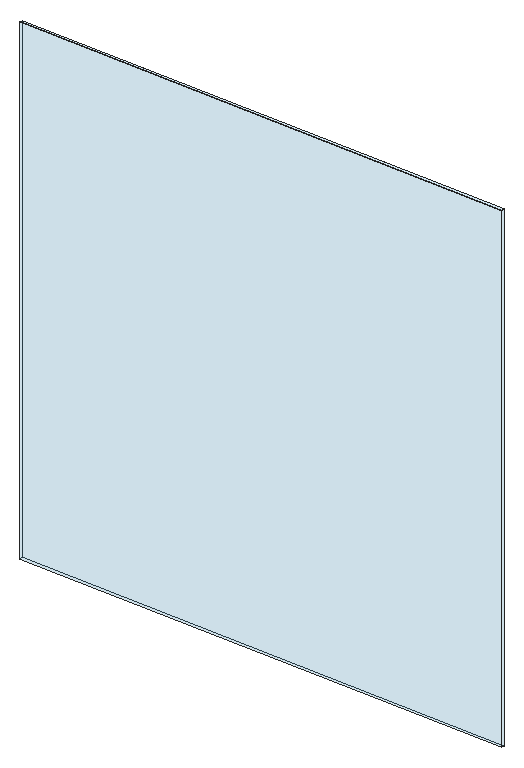
Revit family
Parameters (values of type "72" x 72"")
  Sealant = 0' - 0 3/8"
  Pocket Depth [instance] = 0' - 0 1/2"
  Head Height = Sill Height + Rough Height - Sealant  # 8' - 11 5/8"
  Depth [instance] = 0' - 7 1/4"
  Sill Height = 3' - 0"
  Rough Width = 6' - 0"
  Rough Height = 6' - 0"
  Model = "IP1800"
  Material = ""
  Manufacturer = "Arcadia"
  Sightline = 0' - 2 3/4"
  Height = Rough Height - Sealant - Sealant  # 5' - 11 1/4"
  Wall Closure = (empty or 0)
  Width = Rough Height - Sealant - Sealant  # 5' - 11 1/4"
  Glass Thickness [instance] = 0' - 0 9/16"
  Offset to Inside Face of Glass [instance] = 0' - 6"
  Construction Type = "Aluminum"
  Center of Rough Opening [instance] = Rough Width / 2  # 3' - 0"
  Center of Glass [instance] = Glass Thickness / 2  # 0' - 0 9/32"
  Center Wall to Outside Face [instance] = 0' - 2 7/8"
  Assembly Code = ""
Reference planes (in)
  plane 1 "Center (Front/Back)": y = 0
  plane 2: z = 0
  plane 3 "Center (Left/Right)": x = 12
  plane 4 "Rough Opening Bottom": z = 36
  plane 5 "Rough Opening Top": z = 108
  plane 6 "Exterior Face": y = 5.75
  plane 7 "Frame Top": z = 105.25
  plane 8 "Frame Bottom": z = 38.75
  plane 9 "Rough Opening Left": x = -24
  plane 10 "Rough Opening Right": x = 48
  plane 11 "Frame Left": x = -21.25
  plane 12 "Frame Right": x = 45.25
  plane 13 "Exterior Glass Edge": y = 4.73644
  plane 14 "Interior Glass Edge": y = 4.17394
  plane 15 "Glass Centerline": y = 4.45519
  plane 16 "Frame Outside": y = 5.42394
  plane 17 "Frame Inside": y = -1.82606
  plane 18: z = 105.75
  plane 19: z = 38.25
  plane 20: x = 45.75
  plane 21: x = -21.75
  plane 22: x = 47.625
  plane 23: x = -23.625
  plane 24: z = 107.625
  plane 25: z = 36.375
Forms (in)
  Extrusion 1, solid, material "Anodize Arcadia AC2 Clear #11", detail levels coarse
    sketch origin (0, 0, 36) x (0, -1, 0) y (1, 0, 0)
      loop
        line (-5.42394, -24) -> (1.82606, -24) -> (1.82606, -21.25) -> (-4.17394, -21.25) -> (-4.17394, -21.75) -> (-4.73644, -21.75) -> (-4.73644, -21.25) -> (-5.42394, -21.25) -> (-5.42394, -24)
    from 0 to 72 <- "Rough Height"
  Extrusion 2, solid, material "Anodize Arcadia AC2 Clear #11", detail levels coarse
    sketch origin (0, 0, 36) x (0, -1, 0) y (1, 0, 0)
      loop
        line (-5.42394, 45.25) -> (-4.73644, 45.25) -> (-4.73644, 45.75) -> (-4.17394, 45.75) -> (-4.17394, 45.25) -> (1.82606, 45.25) -> (1.82606, 48) -> (-5.42394, 48) -> (-5.42394, 45.25)
    from 0 to 72 <- "Rough Height"
  Extrusion 3, solid, material "Glass"
    sketch origin (-0.5, 0, 36) x (0, -1, 0) y (1, 0, 0)
      loop
        line (-4.73644, -21.25) -> (-4.17394, -21.25) -> (-4.17394, 46.25) -> (-4.73644, 46.25) -> (-4.73644, -21.25)
    from 2.25 to 69.75
  Extrusion 4, solid, material "Anodize Arcadia AC2 Clear #11", detail levels coarse
    sketch origin (-24, 0, 0) x (0, 1, 0) y (0, 0, 1)
      loop
        line (-1.82606, 108) -> (-1.82606, 105.25) -> (4.17394, 105.25) -> (4.17394, 105.75) -> (4.73644, 105.75) -> (4.73644, 105.25) -> (5.42394, 105.25) -> (5.42394, 108) -> (-1.82606, 108)
    from 0 to 72 <- "Rough Width"
  Extrusion 5, solid, material "Anodize Arcadia AC2 Clear #11", detail levels coarse
    sketch origin (-24, 0, 0) x (0, 1, 0) y (0, 0, 1)
      loop
        line (5.42394, 38.75) -> (4.73644, 38.75) -> (4.73644, 38.25) -> (4.17394, 38.25) -> (4.17394, 38.75) -> (-1.82606, 38.75) -> (-1.82606, 36) -> (5.42394, 36) -> (5.42394, 38.75)
    from 0 to 72 <- "Rough Width"
  Extrusion 6, void
    sketch origin (0, 0, 36) x (0, -1, 0) y (1, 0, 0)
      loop
        line (-5.75, -24) -> (2.25, -24) -> (2.25, 48) -> (-5.75, 48) -> (-5.75, -24)
    from 0 to 72 <- "Rough Height"
Lines and regions (in)
  symbolic lines, detail levels coarse
    curve 1: line (-24, 5.42394, 0) -> (-21.25, 5.42394, 0)
    curve 2: line (-21.25, 5.42394, 0) -> (-21.25, 4.73644, 0)
    curve 3: line (45.75, 4.73644, 0) -> (-21.75, 4.73644, 0)
    curve 4: line (-21.75, 4.73644, 0) -> (-21.75, 4.17394, 0)
    curve 5: line (-21.75, 4.17394, 0) -> (45.75, 4.17394, 0)
    curve 6: line (-21.25, 4.17394, 0) -> (-21.25, -1.82606, 0)
    curve 7: line (-21.25, -1.82606, 0) -> (-24, -1.82606, 0)
    curve 8: line (-24, -1.82606, 0) -> (-24, 5.42394, 0)
    curve 9: line (48, 5.42394, 0) -> (45.25, 5.42394, 0)
    curve 10: line (45.25, 5.42394, 0) -> (45.25, 4.73644, 0)
    curve 11: line (45.75, 4.73644, 0) -> (45.75, 4.17394, 0)
    curve 12: line (45.25, 4.17394, 0) -> (45.25, -1.82606, 0)
    curve 13: line (45.25, -1.82606, 0) -> (48, -1.82606, 0)
    curve 14: line (48, -1.82606, 0) -> (48, 5.42394, 0)
Text (in)
  text "EXTERIOR" at (-58.6888, 50.90694, 0), in view "Ref. Level"
  text "INTERIOR" at (-58.6888, -37.76638, 0), in view "Ref. Level"
  text "Exterior" at (0, 43.65631, 123.19604), in view "Left"
  text "Exterior" at (0, 18.29385, 125.04747), in view "Right"
Dimensions and locks (in)
  "Rough Height": plane 4 "Rough Opening Bottom" to plane 5 "Rough Opening Top"
  "Sill Height": plane 2 to plane 4 "Rough Opening Bottom"
  "Sightline": plane 7 "Frame Top" to plane 5 "Rough Opening Top"
  "Sightline": plane 4 "Rough Opening Bottom" to plane 8 "Frame Bottom"
  "Rough Width": plane 9 "Rough Opening Left" to plane 10 "Rough Opening Right"
  "Sightline": plane 9 "Rough Opening Left" to plane 11 "Frame Left"
  "Sightline": plane 12 "Frame Right" to plane 10 "Rough Opening Right"
  "Depth": plane 17 "Frame Inside" to plane 16 "Frame Outside"
  "Glass Thickness": plane 13 "Exterior Glass Edge" to plane 14 "Interior Glass Edge"
  "Center of Glass": plane 15 "Glass Centerline" to plane 14 "Interior Glass Edge"
  "Center of Rough Opening": plane 9 "Rough Opening Left" to plane 3 "Center (Left/Right)"
  "Offset to Inside Face of Glass": plane 17 "Frame Inside" to plane 14 "Interior Glass Edge"
  "Pocket Depth": plane 12 "Frame Right" to plane 20
  "Pocket Depth": plane 21 to plane 11 "Frame Left"
  "Pocket Depth": plane 7 "Frame Top" to plane 18
  "Pocket Depth": plane 19 to plane 8 "Frame Bottom"
  "Sealant": plane 9 "Rough Opening Left" to plane 23
  "Sealant": plane 22 to plane 10 "Rough Opening Right"
  "Sealant": plane 24 to plane 5 "Rough Opening Top"
  "Sealant": plane 4 "Rough Opening Bottom" to plane 25
  aligned and locked: plane 6 "Exterior Face" to host wall
  aligned and locked: Extrusion 1 sketch curve to plane 17 "Frame Inside"
  aligned and locked: plane 16 "Frame Outside" to Extrusion 1 sketch curve
  aligned and locked: Extrusion 1 sketch curve to plane 11 "Frame Left"
  aligned and locked: plane 9 "Rough Opening Left" to Extrusion 1 sketch curve
  aligned and locked: plane 12 "Frame Right" to Extrusion 2 sketch curve
  aligned and locked: Extrusion 2 sketch curve to plane 10 "Rough Opening Right"
  aligned and locked: Extrusion 2 sketch curve to plane 17 "Frame Inside"
  aligned and locked: plane 16 "Frame Outside" to Extrusion 2 sketch curve
  aligned and locked: Extrusion 3 sketch curve to plane 13 "Exterior Glass Edge"
  aligned and locked: plane 14 "Interior Glass Edge" to Extrusion 3 sketch curve
  aligned and locked: plane 5 "Rough Opening Top" to Extrusion 4 sketch curve
  aligned and locked: Extrusion 4 sketch curve to plane 7 "Frame Top"
  aligned and locked: Extrusion 4 sketch curve to plane 17 "Frame Inside"
  aligned and locked: plane 16 "Frame Outside" to Extrusion 4 sketch curve
  aligned and locked: Extrusion 5 sketch curve to plane 4 "Rough Opening Bottom"
  aligned and locked: plane 8 "Frame Bottom" to Extrusion 5 sketch curve
  aligned and locked: Extrusion 5 sketch curve to plane 17 "Frame Inside"
  aligned and locked: plane 16 "Frame Outside" to Extrusion 5 sketch curve
  aligned and locked: plane 4 "Rough Opening Bottom" to nested 3
  aligned and locked: nested 2 to plane 5 "Rough Opening Top"
  aligned and locked: plane 19 to Extrusion 3
  aligned and locked: Extrusion 3 to plane 18
  aligned and locked: plane 17 "Frame Inside" to nested 3
  aligned and locked: plane 17 "Frame Inside" to nested 2
  aligned and locked: nested 1 to plane 16 "Frame Outside"
  aligned and locked: plane 10 "Rough Opening Right" to nested 1
  aligned and locked: nested 4 to plane 9 "Rough Opening Left"
  aligned and locked: plane 17 "Frame Inside" to nested 4
  aligned and locked: plane 13 "Exterior Glass Edge" to Extrusion 5 sketch curve
  aligned and locked: Extrusion 5 sketch curve to plane 14 "Interior Glass Edge"
  aligned and locked: plane 19 to Extrusion 5 sketch curve
  aligned and locked: Extrusion 4 sketch curve to plane 13 "Exterior Glass Edge"
  aligned and locked: plane 18 to Extrusion 4 sketch curve
  aligned and locked: plane 14 "Interior Glass Edge" to Extrusion 4 sketch curve
  aligned and locked: plane 14 "Interior Glass Edge" to Extrusion 2 sketch curve
  aligned and locked: Extrusion 2 sketch curve to plane 20
  aligned and locked: Extrusion 2 sketch curve to plane 13 "Exterior Glass Edge"
  aligned and locked: Extrusion 1 sketch curve to plane 14 "Interior Glass Edge"
  aligned and locked: Extrusion 1 sketch curve to plane 21
  aligned and locked: plane 13 "Exterior Glass Edge" to Extrusion 1 sketch curve
  aligned and locked: plane 16 "Frame Outside" to curve 1
  aligned and locked: plane 9 "Rough Opening Left" to curve 8
  aligned and locked: curve 2 to plane 11 "Frame Left"
  aligned and locked: curve 6 to plane 11 "Frame Left"
  aligned and locked: curve 4 to plane 21
  aligned and locked: curve 7 to plane 17 "Frame Inside"
  aligned and locked: curve 5 to plane 14 "Interior Glass Edge"
  aligned and locked: plane 13 "Exterior Glass Edge" to curve 3
  aligned and locked: curve 10 to plane 12 "Frame Right"
  aligned and locked: curve 12 to plane 12 "Frame Right"
  aligned and locked: curve 11 to plane 20
  aligned and locked: plane 10 "Rough Opening Right" to curve 14
  aligned and locked: curve 9 to plane 16 "Frame Outside"
  aligned and locked: plane 17 "Frame Inside" to curve 13
  aligned and locked: level to plane 2
  aligned and locked: plane 9 "Rough Opening Left" to Extrusion 6 sketch curve
  aligned and locked: plane 6 "Exterior Face" to Extrusion 6 sketch curve
  aligned and locked: host wall to Extrusion 6 sketch curve
  aligned and locked: plane 10 "Rough Opening Right" to Extrusion 6 sketch curve
  aligned and locked: import instance to plane 9 "Rough Opening Left"
  aligned and locked: import instance to plane 16 "Frame Outside"
  aligned and locked: plane 10 "Rough Opening Right" to import instance
  aligned and locked: plane 16 "Frame Outside" to import instance
  aligned and locked: plane 17 "Frame Inside" to import instance
  aligned and locked: plane 4 "Rough Opening Bottom" to import instance
  aligned and locked: plane 5 "Rough Opening Top" to import instance
  aligned and locked: import instance to plane 17 "Frame Inside"
Automatic sketch dimensions
  Extrusion 3 sketch curve to plane 21 = 0' - 0"
  Extrusion 3 sketch curve to plane 20 = 0' - 0"
  Extrusion 5 sketch curve to plane 8 "Frame Bottom" = 0' - 0"
  Extrusion 4 sketch curve to plane 7 "Frame Top" = 0' - 0"
  Extrusion 2 sketch curve to plane 12 "Frame Right" = 0' - 0"
  Extrusion 1 sketch curve to plane 11 "Frame Left" = 0' - 0"
Nested families (in)
  nested 1: "Window-Arcadia-IP1800-Med-Jamb-R" at (46.9375, 4.45519, 0) x (-1, 0, 0) z (0, 0, 1), type "Window-Arcadia-IP1800-Med-Jamb-R", detail levels medium
    with Sightline 0' - 2 3/4", Pocket Depth 0' - 0 1/2", Offset to Inside Face of Glass 0' - 6", Glass Width 0' - 0 9/16", Frame Wall Thickness 0' - 0 3/32", Depth 0' - 7 1/4", Center of Glass 0' - 0 9/32"
  nested 2: "Window-Arcadia-IP1800-Med-Head" at (33.875, 4.45519, 108) x (0, -1, 0) z (1, 0, 0), type "Window-Arcadia-IP1800-Med-Head", detail levels medium
    with Sightline 0' - 2 3/4", Pocket Depth 0' - 0 1/2", Offset to Inside Face of Glass 0' - 6", Glass Width 0' - 0 9/16", Frame Wall Thickness 0' - 0 3/32", Depth 0' - 7 1/4", Center of Glass 0' - 0 9/32"
  nested 3: "Window-Arcadia-IP1800-Med-Sill" at (33.875, 4.45519, 36) x (0, -1, 0) z (1, 0, 0), type "Window-Arcadia-IP1800-Med-Sill", detail levels medium
    with Sightline 0' - 2 3/4", Pocket Depth 0' - 0 1/2", Offset to Inside Face of Glass 0' - 6", Glass Width 0' - 0 9/16", Frame Wall Thickness 0' - 0 3/32", Depth 0' - 7 1/4", Center of Glass 0' - 0 9/32"
  nested 4: "Window-Arcadia-IP1800-Med-Jamb-L" at (-22.9375, 4.45519, 0) x (-1, 0, 0) z (0, 0, 1), type "Window-Arcadia-IP1800-Med-Jamb-L", detail levels medium
    with Sightline 0' - 2 3/4", Pocket Depth 0' - 0 1/2", Offset to Inside Face of Glass 0' - 6", Glass Width 0' - 0 9/16", Frame Wall Thickness 0' - 0 3/32", Depth 0' - 7 1/4", Center of Glass 0' - 0 9/32"
Definition of nested family "Window-Arcadia-IP1800-Med-Jamb-R"
  Parameters (values of type "Window-Arcadia-TC670-Med-Jamb-R")
    Depth [instance] = 0' - 6"
    Pocket Depth [instance] = 0' - 0 3/4"
    Offset to Inside Face of Glass [instance] = 0' - 4"
    Glass Width [instance] = 0' - 1"
    Sightline [instance] = 0' - 2 5/8"
    Center of Glass [instance] = Glass Width / 2  # 0' - 0 1/2"
    Frame Wall Thickness [instance] = 0' - 0 3/32"
    Assembly Code = ""
  Reference planes (in)
    plane 1 "Center (Front/Back)": y = 0
    plane 2: z = 0
    plane 3: x = 1.5625
    plane 4 "back": x = -1.0625
    plane 5: y = 4.5
    plane 6: y = -1.5
    plane 7 "Inside Face of Glass": y = 0.5
    plane 8: y = -0.5
    plane 9: x = 0.8125
  Lines and regions (in)
    detail lines, in view "Ref. Level", detail levels medium
      curve 1: line (-1.0625, 4.5, 0) -> (-1.0625, -1.5, 0)
      curve 2: line (-1.0625, -1.5, 0) -> (1.5625, -1.5, 0)
      curve 3: line (1.5625, -1.5, 0) -> (1.5625, -0.5, 0)
      curve 4: line (1.5625, -0.5, 0) -> (0.8125, -0.5, 0)
      curve 5: line (0.8125, -0.5, 0) -> (0.8125, 0.5, 0)
      curve 6: line (0.8125, 0.5, 0) -> (1.5625, 0.5, 0)
      curve 7: line (1.5625, 0.5, 0) -> (1.5625, 4.5, 0)
      curve 8: line (1.5625, 4.5, 0) -> (-1.0625, 4.5, 0)
      curve 9: line (1.46875, 4.40625, 0) -> (-0.96875, 4.40625, 0)
      curve 10: line (-0.96875, 4.40625, 0) -> (-0.96875, -1.40625, 0)
      curve 11: line (-0.96875, -1.40625, 0) -> (1.46875, -1.40625, 0)
      curve 12: line (1.46875, -1.40625, 0) -> (1.46875, -0.59375, 0)
      curve 13: line (1.46875, -0.59375, 0) -> (0.71875, -0.59375, 0)
      curve 14: line (0.71875, -0.59375, 0) -> (0.71875, 0.59375, 0)
      curve 15: line (0.71875, 0.59375, 0) -> (1.46875, 0.59375, 0)
      curve 16: line (1.46875, 0.59375, 0) -> (1.46875, 4.40625, 0)
      curve 17: line (1.5625, 4.5, 0) -> (-1.0625, 4.5, 0)
      curve 18: line (-1.0625, 4.40625, 0) -> (-1.0625, -1.5, 0)
  Dimensions and locks (in)
    "Sightline": plane 4 "back" to plane 3
    "Depth": plane 5 to plane 6
    "Center of Glass": plane 1 "Center (Front/Back)" to plane 7 "Inside Face of Glass"
    "Glass Width": plane 8 to plane 7 "Inside Face of Glass"
    "Pocket Depth": plane 9 to plane 3
    "Offset to Inside Face of Glass": plane 5 to plane 7 "Inside Face of Glass"
    "Frame Wall Thickness": plane 5 to curve 9
    "Frame Wall Thickness": plane 4 "back" to curve 10
    "Frame Wall Thickness": curve 11 to plane 6
    "Frame Wall Thickness": curve 12 to plane 3
    "Frame Wall Thickness": curve 13 to plane 8
    "Frame Wall Thickness": plane 7 "Inside Face of Glass" to curve 15
    "Frame Wall Thickness": curve 14 to plane 9
    "Frame Wall Thickness": curve 16 to plane 3
    aligned and locked: plane 5 to curve 8
    aligned and locked: curve 1 to plane 4 "back"
    aligned and locked: curve 2 to plane 6
    aligned and locked: plane 3 to curve 3
    aligned and locked: curve 4 to plane 8
    aligned and locked: plane 9 to curve 5
    aligned and locked: plane 7 "Inside Face of Glass" to curve 6
    aligned and locked: plane 3 to curve 7
  Automatic sketch dimensions
    curve 18 to curve 9 = 0' - 0"
Definition of nested family "Window-Arcadia-IP1800-Med-Head"
  Parameters (values of type "Window-Arcadia-A400-Med-Head")
    Depth [instance] = 0' - 6"
    Pocket Depth [instance] = 0' - 0 1/2"
    Offset to Inside Face of Glass [instance] = 0' - 4"
    Glass Width [instance] = 0' - 1"
    Sightline [instance] = 0' - 2 5/8"
    Center of Glass [instance] = Glass Width / 2  # 0' - 0 1/2"
    Frame Wall Thickness [instance] = 0' - 0 3/32"
    Assembly Code = ""
  Reference planes (in)
    plane 1 "Center (Front/Back)": y = 0
    plane 2: z = 0
    plane 3 "Center (Left/Right)": x = 0
    plane 4: x = -0.5
    plane 5 "Inside Face of Glass": x = 0.5
    plane 6: y = -2.625
    plane 7: x = 4.5
    plane 8: x = -1.5
    plane 9: y = -2.125
  Lines and regions (in)
    detail lines, in view "Ref. Level", detail levels medium
      curve 1: line (-1.5, 0, 0) -> (-1.5, -2.625, 0)
      curve 2: line (-1.5, -2.625, 0) -> (-0.5, -2.625, 0)
      curve 3: line (-0.5, -2.625, 0) -> (-0.5, -2.125, 0)
      curve 4: line (-0.5, -2.125, 0) -> (0.5, -2.125, 0)
      curve 5: line (0.5, -2.125, 0) -> (0.5, -2.625, 0)
      curve 6: line (0.5, -2.625, 0) -> (4.5, -2.625, 0)
      curve 7: line (4.5, -2.625, 0) -> (4.5, 0, 0)
      curve 8: line (4.5, 0, 0) -> (-1.5, 0, 0)
      curve 9: line (-1.40625, -0.09375, 0) -> (-1.40625, -2.53125, 0)
      curve 10: line (4.40625, -0.09375, 0) -> (-1.40625, -0.09375, 0)
      curve 11: line (4.40625, -2.53125, 0) -> (4.40625, -0.09375, 0)
      curve 12: line (0.59375, -2.53125, 0) -> (4.40625, -2.53125, 0)
      curve 13: line (-1.40625, -2.53125, 0) -> (-0.59375, -2.53125, 0)
      curve 14: line (-0.59375, -2.53125, 0) -> (-0.59375, -2.03125, 0)
      curve 15: line (-0.59375, -2.03125, 0) -> (0.59375, -2.03125, 0)
      curve 16: line (0.59375, -2.03125, 0) -> (0.59375, -2.53125, 0)
  Dimensions and locks (in)
    "Sightline": plane 6 to plane 1 "Center (Front/Back)"
    "Depth": plane 8 to plane 7
    "Pocket Depth": plane 6 to plane 9
    "Offset to Inside Face of Glass": plane 5 "Inside Face of Glass" to plane 7
    "Glass Width": plane 4 to plane 5 "Inside Face of Glass"
    "Center of Glass": plane 3 "Center (Left/Right)" to plane 5 "Inside Face of Glass"
    "Frame Wall Thickness": plane 8 to curve 9
    "Frame Wall Thickness": curve 10 to plane 1 "Center (Front/Back)"
    "Frame Wall Thickness": curve 11 to plane 7
    "Frame Wall Thickness": plane 6 to curve 12
    "Frame Wall Thickness": plane 6 to curve 13
    "Frame Wall Thickness": plane 9 to curve 15
    "Frame Wall Thickness": plane 5 "Inside Face of Glass" to curve 16
    "Frame Wall Thickness": curve 14 to plane 4
    aligned and locked: curve 8 to plane 1 "Center (Front/Back)"
    aligned and locked: plane 7 to curve 7
    aligned and locked: curve 1 to plane 8
    aligned and locked: plane 9 to curve 4
    aligned and locked: plane 4 to curve 3
    aligned and locked: plane 6 to curve 2
    aligned and locked: plane 6 to curve 6
  Automatic sketch dimensions
    curve 5 to plane 5 "Inside Face of Glass" = 0' - 0"
Definition of nested family "Window-Arcadia-IP1800-Med-Sill"
  Parameters (values of type "Window-Arcadia-A400-Med-Sill")
    Depth [instance] = 0' - 6"
    Pocket Depth [instance] = 0' - 0 1/2"
    Offset to Inside Face of Glass [instance] = 0' - 4"
    Glass Width [instance] = 0' - 1"
    Sightline [instance] = 0' - 2 5/8"
    Center of Glass [instance] = Glass Width / 2  # 0' - 0 1/2"
    Frame Wall Thickness [instance] = 0' - 0 3/32"
    Assembly Code = ""
  Reference planes (in)
    plane 1 "Center (Front/Back)": y = 0
    plane 2: z = 0
    plane 3 "Center (Left/Right)": x = 0
    plane 4: x = -0.5
    plane 5 "Inside Face of Glass": x = 0.5
    plane 6: y = 2.625
    plane 7: x = 4.5
    plane 8: x = -1.5
    plane 9: y = 2.125
  Lines and regions (in)
    detail lines, in view "Ref. Level", detail levels medium
      curve 1: line (-1.5, 2.625, 0) -> (-1.5, 0, 0)
      curve 2: line (-1.5, 0, 0) -> (4.5, 0, 0)
      curve 3: line (4.5, 0, 0) -> (4.5, 2.625, 0)
      curve 4: line (4.5, 2.625, 0) -> (0.5, 2.625, 0)
      curve 5: line (0.5, 2.625, 0) -> (0.5, 2.125, 0)
      curve 6: line (0.5, 2.125, 0) -> (-0.5, 2.125, 0)
      curve 7: line (-0.5, 2.125, 0) -> (-0.5, 2.625, 0)
      curve 8: line (-0.5, 2.625, 0) -> (-1.5, 2.625, 0)
      curve 9: line (-0.59375, 2.53125, 0) -> (-1.40625, 2.53125, 0)
      curve 10: line (-1.40625, 2.53125, 0) -> (-1.40625, 0.09375, 0)
      curve 11: line (-1.40625, 0.09375, 0) -> (4.40625, 0.09375, 0)
      curve 12: line (4.40625, 0.09375, 0) -> (4.40625, 2.53125, 0)
      curve 13: line (4.40625, 2.53125, 0) -> (0.59375, 2.53125, 0)
      curve 14: line (0.59375, 2.53125, 0) -> (0.59375, 2.03125, 0)
      curve 15: line (0.59375, 2.03125, 0) -> (-0.59375, 2.03125, 0)
      curve 16: line (-0.59375, 2.03125, 0) -> (-0.59375, 2.53125, 0)
  Dimensions and locks (in)
    "Pocket Depth": plane 9 to plane 6
    "Sightline": plane 1 "Center (Front/Back)" to plane 6
    "Depth": plane 8 to plane 7
    "Offset to Inside Face of Glass": plane 5 "Inside Face of Glass" to plane 7
    "Glass Width": plane 4 to plane 5 "Inside Face of Glass"
    "Center of Glass": plane 3 "Center (Left/Right)" to plane 5 "Inside Face of Glass"
    "Frame Wall Thickness": curve 9 to plane 6
    "Frame Wall Thickness": plane 8 to curve 10
    "Frame Wall Thickness": plane 1 "Center (Front/Back)" to curve 11
    "Frame Wall Thickness": curve 12 to plane 7
    "Frame Wall Thickness": curve 13 to plane 6
    "Frame Wall Thickness": plane 5 "Inside Face of Glass" to curve 14
    "Frame Wall Thickness": curve 15 to plane 9
    "Frame Wall Thickness": curve 16 to plane 4
    aligned and locked: plane 1 "Center (Front/Back)" to curve 2
    aligned and locked: plane 7 to curve 3
    aligned and locked: curve 1 to plane 8
    aligned and locked: curve 8 to plane 6
    aligned and locked: curve 4 to plane 6
    aligned and locked: curve 6 to plane 9
    aligned and locked: curve 5 to plane 5 "Inside Face of Glass"
    aligned and locked: plane 4 to curve 7
  Automatic sketch dimensions
    curve 7 to plane 9 = 0' - 0"
Definition of nested family "Window-Arcadia-IP1800-Med-Jamb-L"
  Parameters (values of type "Window-Arcadia-TC670-Med-Jamb-L")
    Depth [instance] = 0' - 6"
    Pocket Depth [instance] = 0' - 0 1/2"
    Offset to Inside Face of Glass [instance] = 0' - 4"
    Glass Width [instance] = 0' - 1"
    Sightline [instance] = 0' - 2 1/8"
    Center of Glass [instance] = Glass Width / 2  # 0' - 0 1/2"
    Frame Wall Thickness [instance] = 0' - 0 3/32"
    Assembly Code = ""
  Reference planes (in)
    plane 1 "Center (Front/Back)": y = 0
    plane 2: z = 0
    plane 3 "BACK": x = 1.0625
    plane 4 "FRONT": x = -1.0625
    plane 5: y = 1.5
    plane 6: y = -4.5
    plane 7 "Inside Face of Glass": y = 0.5
    plane 8: y = -0.5
    plane 9: x = -0.5625
  Lines and regions (in)
    detail lines, in view "Ref. Level", detail levels medium
      curve 1: line (1.0625, 1.5, 0) -> (1.0625, -4.5, 0)
      curve 2: line (1.0625, -4.5, 0) -> (-1.0625, -4.5, 0)
      curve 3: line (-1.0625, -4.5, 0) -> (-1.0625, -0.5, 0)
      curve 4: line (-1.0625, -0.5, 0) -> (-0.5625, -0.5, 0)
      curve 5: line (-0.5625, -0.5, 0) -> (-0.5625, 0.5, 0)
      curve 6: line (-0.5625, 0.5, 0) -> (-1.0625, 0.5, 0)
      curve 7: line (-1.0625, 0.5, 0) -> (-1.0625, 1.5, 0)
      curve 8: line (-1.0625, 1.5, 0) -> (1.0625, 1.5, 0)
      curve 9: line (-0.96875, 1.40625, 0) -> (0.96875, 1.40625, 0)
      curve 10: line (-0.96875, 0.59375, 0) -> (-0.96875, 1.40625, 0)
      curve 11: line (-0.46875, 0.59375, 0) -> (-0.96875, 0.59375, 0)
      curve 12: line (-0.46875, -0.59375, 0) -> (-0.46875, 0.59375, 0)
      curve 13: line (-0.96875, -0.59375, 0) -> (-0.46875, -0.59375, 0)
      curve 14: line (-0.96875, -4.40625, 0) -> (-0.96875, -0.59375, 0)
      curve 15: line (0.96875, -4.40625, 0) -> (-0.96875, -4.40625, 0)
      curve 16: line (0.96875, 1.40625, 0) -> (0.96875, -4.40625, 0)
  Dimensions and locks (in)
    "Depth": plane 5 to plane 6
    "Pocket Depth": plane 4 "FRONT" to plane 9
    "Sightline": plane 4 "FRONT" to plane 3 "BACK"
    "Glass Width": plane 8 to plane 7 "Inside Face of Glass"
    "Center of Glass": plane 1 "Center (Front/Back)" to plane 7 "Inside Face of Glass"
    "Frame Wall Thickness": plane 4 "FRONT" to curve 10
    "Frame Wall Thickness": plane 5 to curve 9
    "Frame Wall Thickness": curve 15 to plane 6
    "Frame Wall Thickness": curve 13 to plane 8
    "Frame Wall Thickness": plane 9 to curve 12
    "Frame Wall Thickness": plane 7 "Inside Face of Glass" to curve 11
    "Frame Wall Thickness": plane 4 "FRONT" to curve 14
    "Offset to Inside Face of Glass": plane 6 to plane 8
    aligned and locked: curve 8 to plane 5
    aligned and locked: curve 1 to plane 3 "BACK"
    aligned and locked: plane 6 to curve 2
    aligned and locked: curve 3 to plane 4 "FRONT"
    aligned and locked: plane 8 to curve 4
    aligned and locked: plane 9 to curve 5
    aligned and locked: curve 6 to plane 7 "Inside Face of Glass"
    aligned and locked: plane 4 "FRONT" to curve 7
  Automatic sketch dimensions
    curve 16 to plane 3 "BACK" = 0' - 0 3/32"
